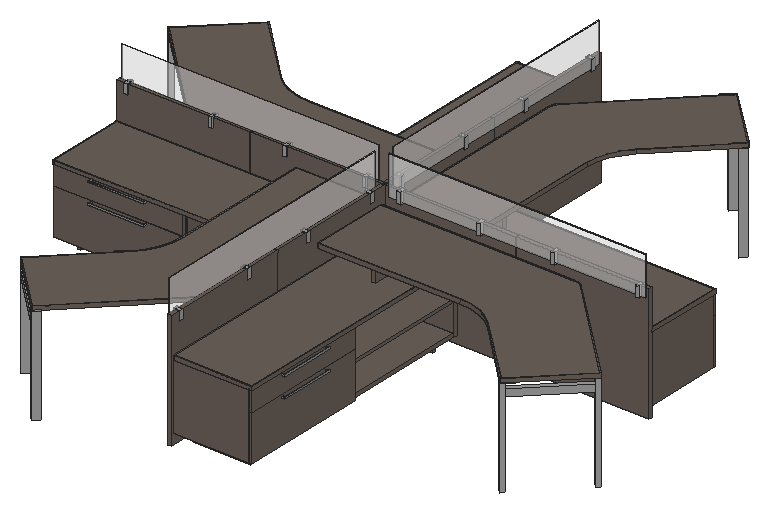
Revit family "STAKS014", category Furniture, Revit 2013 (continued)
Definition of nested family "FIRST OFFICE-STAKS-WORKSURFACE-COLLABORATIVE-RIGHT"
  Dimensions and locks (in)
    locked: plane 9 "SURFACE TOP" to plane 8 at 1.125
    locked: plane 3 "BACK" to plane 6 at 0.125
    locked: plane 7 to plane 4 "FRONT" at 0.125
    "SURFACE WIDTH": plane 2 "LEFT" to plane 10 "RIGHT"
    locked: plane 11 to plane 10 "RIGHT" at 0.125
    locked: plane 2 "LEFT" to plane 5 at 0.125
    equal spacing: plane 3 "BACK", plane 12, plane 4 "FRONT"
    locked: plane 3 "BACK" to plane 4 "FRONT" at 22
    equal spacing: plane 2 "LEFT", plane 14 "Center (Left/Right)", plane 10 "RIGHT"
    "SURFACE DEPTH": plane 3 "BACK" to plane 13
    locked: plane 16 to plane 13 at 15.55635
    locked: plane 4 "FRONT" to plane 17 at 4.5979
    locked: Extrusion 3 sketch curve to Extrusion 3 sketch curve at 3.06147
    Masking region 3 sketch curve to Masking region 3 sketch curve = 1' - 0.24587"
    Masking region 5 sketch curve to Masking region 5 sketch curve = 0' - 3.06147"
    locked: Extrusion 5 sketch curve to Extrusion 5 sketch curve at 2.9658
    locked: Extrusion 5 sketch curve to Extrusion 5 sketch curve at 12.34154
    locked: plane 18 to plane 10 "RIGHT" at 15.55635
    locked: Masking region 3 sketch curve to Masking region 3 sketch curve at 12.34154
    locked: Extrusion 4 sketch curve to Extrusion 4 sketch curve at 12.24587
    locked: Extrusion 4 sketch curve to Extrusion 4 sketch curve at 12.34154
    Masking region 6 sketch curve to Masking region 6 sketch curve = 1' - 0.34154"
    Masking region 6 sketch curve to Masking region 6 sketch curve = 0' - 2.94956"
    locked: plane 18 to plane 20 (angle 45.00°)
    locked: plane 19 to plane 16 (angle 45.00°)
    aligned: level to plane 1
    aligned and locked: Masking region 1 to Extrusion 1 sketch curve
    aligned and locked: Extrusion 1 sketch curve to Masking region 1
    aligned and locked: plane 18 to Masking region 2 sketch curve
    aligned and locked: Extrusion 3 sketch curve to plane 19
    aligned: Extrusion 5 sketch curve to Extrusion 2
    aligned and locked: Extrusion 5 sketch curve to Extrusion 3  (x2)
    aligned and locked: Extrusion 5 sketch curve to Extrusion 4
    aligned: Extrusion 5 sketch curve to Extrusion 1
    aligned: Extrusion 5 to Extrusion 2
    aligned: Extrusion 5 to Extrusion 4
    aligned: Extrusion 5 to Extrusion 3
    aligned and locked: Masking region 3 to plane 20
    aligned and locked: Masking region 3 sketch curve to Extrusion 4
    aligned and locked: plane 13 to Masking region 3 sketch curve
    aligned: Extrusion 5 to plane 5
    aligned and locked: Masking region 3 sketch curve to Masking region 1
    aligned and locked: plane 5 to Masking region 3 sketch curve
    aligned and locked: plane 2 "LEFT" to Masking region 3 sketch curve
    aligned and locked: Extrusion 5 sketch curve to Extrusion 2
    aligned and locked: Extrusion 4 sketch curve to plane 20
    aligned and locked: Extrusion 4 sketch curve to plane 7
    aligned and locked: plane 4 "FRONT" to Extrusion 4 sketch curve
    aligned and locked: plane 17 to Extrusion 4 sketch curve
    aligned and locked: plane 20 to Extrusion 4 sketch curve
    aligned and locked: Masking region 6 sketch curve to Masking region 2
    aligned and locked: Masking region 6 sketch curve to Masking region 3
    aligned and locked: Masking region 6 sketch curve to Masking region 5
  Automatic sketch dimensions
    Extrusion 1 sketch curve to plane 2 "LEFT" = 0' - 0"
    Extrusion 1 sketch curve to plane 3 "BACK" = 0' - 0"
    Extrusion 1 sketch curve to plane 6 = 0' - 0"
    Masking region 1 sketch curve to plane 5 = 0' - 0"
    Masking region 1 sketch curve to plane 2 "LEFT" = 0' - 0"
    Masking region 1 sketch curve to plane 3 "BACK" = 0' - 0"
    Masking region 1 sketch curve to plane 6 = 0' - 0"
    Masking region 1 sketch curve to plane 7 = 0' - 0"
    Masking region 1 sketch curve to plane 4 "FRONT" = 0' - 0"
    Masking region 2 sketch curve to plane 16 = 0' - 0"
    Masking region 2 sketch curve to plane 10 "RIGHT" = 0' - 0"
    Masking region 2 sketch curve to plane 13 = 0' - 0"
    Masking region 2 sketch curve to plane 11 = 0' - 0.05178"
    plane 13 to Masking region 2 sketch curve = 0' - 0.17678"
    Extrusion 2 sketch curve to plane 13 = 0' - 0"
    Extrusion 2 sketch curve to plane 18 = 0' - 0"
    Extrusion 2 sketch curve to plane 16 = 0' - 0"
    Extrusion 2 sketch curve to plane 10 "RIGHT" = 0' - 0"
    Extrusion 2 sketch curve to plane 11 = 0' - 0.05178"
    plane 13 to Extrusion 2 sketch curve = 0' - 0.17678"
    Extrusion 3 sketch curve to Extrusion 3 sketch curve = 0' - 0"  (x2)
    Extrusion 3 sketch curve to plane 2 "LEFT" = 0' - 0"
    Extrusion 3 sketch curve to plane 5 = 0' - 0"
    Extrusion 3 sketch curve to plane 6 = 0' - 0"
    Extrusion 3 sketch curve to plane 3 "BACK" = 0' - 0"
    Extrusion 3 sketch curve to plane 15 = 0' - 0"
    Extrusion 3 sketch curve to plane 16 = 0' - 0"
    Extrusion 3 sketch curve to plane 10 "RIGHT" = 0' - 0"
    Extrusion 3 sketch curve to plane 15 = 0' - 0.08839"
    Extrusion 3 sketch curve to plane 11 = 0' - 0.05178"
    Masking region 4 sketch curve to plane 2 "LEFT" = 0' - 0"
    Masking region 4 sketch curve to plane 5 = 0' - 0"
    Masking region 4 sketch curve to plane 4 "FRONT" = 0' - 0"
    Masking region 4 sketch curve to plane 7 = 0' - 0"
    Masking region 4 sketch curve to plane 6 = 0' - 0"
    Masking region 4 sketch curve to plane 3 "BACK" = 0' - 0"
    Masking region 5 sketch curve to Masking region 5 sketch curve = 0' - 0"  (x2)
    Masking region 5 sketch curve to plane 2 "LEFT" = 0' - 0"
    Masking region 5 sketch curve to plane 5 = 0' - 0"
    Masking region 5 sketch curve to plane 6 = 0' - 0"
    Masking region 5 sketch curve to plane 3 "BACK" = 0' - 0"
    Masking region 5 sketch curve to plane 15 = 0' - 0"
    Masking region 5 sketch curve to plane 19 = 0' - 0"
    Masking region 5 sketch curve to plane 16 = 0' - 0"
    Masking region 5 sketch curve to plane 10 "RIGHT" = 0' - 0"
    Masking region 5 sketch curve to plane 15 = 0' - 0.08839"
    Masking region 5 sketch curve to plane 11 = 0' - 0.05178"
    Extrusion 5 sketch curve to plane 17 = 0' - 0"
    plane 15 to Extrusion 5 sketch curve = 0' - 2.82843"
    Extrusion 5 sketch curve to plane 13 = 0' - 0.17678"
    plane 5 to Extrusion 5 sketch curve = 0' - 0"
    Masking region 3 sketch curve to Masking region 3 sketch curve = 0' - 0"  (x2)
    Masking region 3 sketch curve to plane 7 = 0' - 0"
    Masking region 3 sketch curve to plane 17 = 0' - 0"
    Masking region 3 sketch curve to Masking region 3 sketch curve = 0' - 0.17678"
    Extrusion 4 sketch curve to plane 13 = 0' - 0"
    Extrusion 4 sketch curve to plane 2 "LEFT" = 0' - 0"
    Extrusion 4 sketch curve to plane 5 = 0' - 0"
    Extrusion 4 sketch curve to Extrusion 4 sketch curve = 0' - 0.17678"
    plane 17 to Extrusion 4 sketch curve = 0' - 0.08839"
    Extrusion 4 sketch curve to Extrusion 4 sketch curve = 0' - 0"
    Masking region 6 sketch curve to plane 5 = 0' - 0"
    Masking region 6 sketch curve to plane 7 = 0' - 0"
    Masking region 6 sketch curve to plane 17 = 0' - 0"
    Masking region 6 sketch curve to plane 6 = 0' - 0"
    Masking region 6 sketch curve to plane 15 = 0' - 2.78608"
    Masking region 6 sketch curve to plane 15 = 0' - 0.07596"
Definition of nested family "FIRST OFFICE-STAKS-BRACKETS-CANTILEVER-CONCEALED"
  Parameters (values of type "FIRST OFFICE-STAKS- BRACKETS-CANTILEVER-CONCEALED 22"")
    URL = "http://www.firstoffice.com/products/crossover/staks/"
    Model = "WSBKTC22"
    Manufacturer = "FIRST OFFICE-STAKS"
    MANUFACTURERS' CODE = "FOF"
    ENVIRONMENTAL = "http://www.firstoffice.com/products/crossover/staks/"
    Description = "CONCEALED CANTILEVER 22\" WORKSURFACE BRACKET"
    CATALOG CODE = "FST"
    BRKT LENGHTH = 1' - 4"
    Assembly Code = ""
  Types (3): name | Model | Description | BRKT LENGHTH
    (no name) | "WSBKTC22" | "CONCEALED CANTILEVER 22\" WORKSURFACE BRACKET" | 1' - 4"
    FIRST OFFICE-STAKS- BRACKETS-CANTILEVER-CONCEALED-MINI | "WSBKTC" | "MINI CONCEALED CANTILEVER WORKSURFACE BRACKET" | 0' - 3 3/4"
    FIRST OFFICE-STAKS- BRACKETS-CANTILEVER-CONCEALED 22" | "WSBKTC22" | "CONCEALED CANTILEVER 22\" WORKSURFACE BRACKET" | 1' - 4"
  Reference planes (in)
    plane 1 "Center Front/Back": y = 0
    plane 2: z = 0
    plane 3 "Center Left/Right": x = 0
    plane 4: y = -16
    plane 5: y = -1.625
    plane 6: z = 27.375
    plane 7: z = 21.125
    plane 8: x = 1.5
    plane 9: z = 27.25
  Forms (in)
    Extrusion 1, solid, material "STAKS BRACKETS"
      sketch origin (0, 0, 0) x (0, 1, 0) y (0, 0, 1)
        loop
          line (-1.72855, 27.125) -> (-0.25, 25.64645) -> (0, 25.75) -> (-1.625, 27.375) -> (-1.72855, 27.125)
      from 0 to 1.5
    Extrusion 2, solid, material "STAKS BRACKETS"
      sketch origin (0, 0, 0) x (0, 1, 0) y (0, 0, 1)
        loop
          line (-0.125, 25.69822) -> (-0.125, 21.125) -> (0, 21.125) -> (0, 25.75) -> (-0.125, 25.69822)
      from 0 to 1.5
    Extrusion 3, solid, material "STAKS BRACKETS"
      sketch origin (0, 0, 0) x (0, 1, 0) y (0, 0, 1)
        loop
          line (-1.625, 27.375) -> (-16, 27.375) -> (-16, 27.125) -> (-1.72855, 27.125) -> (-1.625, 27.375)
      from 0 to 1.5
  Lines and regions (in)
    Masking region 1
      outline origin (0, 0, 0) x (1, 0, 0) y (0, 1, 0)
        loop
          line (1.5, 0) -> (0, 0) -> (0, -16) -> (1.5, -16) -> (1.5, 0)
  Dimensions and locks (in)
    "BRKT LENGHTH": plane 4 to plane 1 "Center Front/Back"
    locked: plane 1 "Center Front/Back" to plane 5 at 1.625
    aligned and locked: Extrusion 1 to Extrusion 2
    aligned and locked: Extrusion 2 to Extrusion 1
    aligned and locked: Extrusion 1 to Extrusion 3
    aligned and locked: Extrusion 3 to Extrusion 1
    aligned and locked: Extrusion 3 to plane 3 "Center Left/Right"
    aligned and locked: plane 8 to Extrusion 3
  Automatic sketch dimensions
    Extrusion 1 sketch curve to plane 5 = 0' - 0"
    Extrusion 1 sketch curve to plane 1 "Center Front/Back" = 0' - 0"
    Extrusion 1 sketch curve to plane 6 = 0' - 0"
    plane 5 to Extrusion 1 sketch curve = 0' - 0.10355"
    Extrusion 1 sketch curve to Extrusion 1 sketch curve = 0' - 0.10355"
    Extrusion 2 sketch curve to plane 1 "Center Front/Back" = 0' - 0"
    Extrusion 2 sketch curve to plane 7 = 0' - 0"
    Extrusion 2 sketch curve to Extrusion 2 sketch curve = 0' - 0.05178"
    Extrusion 3 sketch curve to plane 4 = 0' - 0"
    Extrusion 3 sketch curve to plane 5 = 0' - 0"
    Extrusion 3 sketch curve to plane 6 = 0' - 0"
    plane 5 to Extrusion 3 sketch curve = 0' - 0.10355"
    plane 1 "Center Front/Back" to Extrusion 1 sketch curve = 0' - 0 1/4"
    plane 1 "Center Front/Back" to Extrusion 2 sketch curve = 0' - 0 1/8"
    Extrusion 1 sketch curve to plane 6 = 0' - 0 1/4"
    Extrusion 1 sketch curve to plane 6 = 0' - 1 5/8"
    Extrusion 2 sketch curve to plane 6 = 0' - 1.67678"
    Extrusion 3 sketch curve to plane 6 = 0' - 0 1/4"
    Masking region 1 sketch curve to plane 3 "Center Left/Right" = 0' - 0"
    plane 4 to Masking region 1 sketch curve = 0' - 0"
    Masking region 1 sketch curve to plane 8 = 0' - 0"
    plane 1 "Center Front/Back" to Masking region 1 sketch curve = 0' - 0"
Definition of nested family "FIRST OFFICE-STAKS-SUPPORT-SURFACE-H LEG"
  Parameters (values of type "FIRST OFFICE-STAKS-SUPPORT-SURFACE-H LEG 22 X4")
    URL = "http://www.firstoffice.com/products/crossover/staks/"
    H LEG WIDTH = 1' - 10"
    Model = "6-22HBA2"
    Manufacturer = "FIRST OFFICE-STAKS"
    MANUFACTURERS' CODE = "FOF"
    PANEL INSERT = no
    ENVIRONMENTAL = "http://www.firstoffice.com/products/crossover/staks/"
    Description = "22 X 4 H-LEG"
    CATALOG CODE = "FST"
    Assembly Code = ""
  Types (6): name | H LEG WIDTH | Model | PANEL INSERT | Description
    FIRST OFFICE-STAKS-SUPPORT-SURFACE-H LEG 22 X4 | 1' - 10" | "6-22HBA2" | no | "22 X 4 H-LEG"
    FIRST OFFICE-STAKS-SUPPORT-SURFACE-H LEG 30 X4 | 2' - 6" | "6-30HBA2" | no | "30 X 4 H-LEG"
    FIRST OFFICE-STAKS-SUPPORT-SURFACE-H LEG 36 X4 | 3' - 0" | "6-36HBA1" | no | "36 X 4 H-LEG"
    FIRST OFFICE-STAKS-SUPPORT-SURFACE-H LEG W/INSERT 22 X4 | 1' - 10" | "6-22HBPA2" | yes | "22 X 4 H-LEG W/INSERT"
    FIRST OFFICE-STAKS-SUPPORT-SURFACE-H LEG W/INSERT 30 X4 | 2' - 6" | "6-30HBPA2" | yes | "30 X 4 H-LEG W/INSERT"
    FIRST OFFICE-STAKS-SUPPORT-SURFACE-H LEG W/INSERT 36 X4 | 3' - 0" | "6-36HBPA1" | yes | "36 X 4 H-LEG W/INSERT"
  Reference planes (in)
    plane 1: z = 0
    plane 2 "Center (Front/Back)": y = -2.62465
    plane 3 "Center (Left/Right)": x = -17.5
    plane 4 "H LEG TOP": z = 27.375
    plane 5: x = -15.5
    plane 6: x = -13.5
    plane 7: y = -13.62465
    plane 8: y = 8.37535
    plane 9: z = 27.181
    plane 10: y = 7.37535
    plane 11: y = -12.62465
    plane 12: z = 25.806
    plane 13: z = 23.806
    plane 14: x = -16.5
    plane 15: x = -15.75
    plane 16: z = 25.056
  Forms (in)
    Extrusion 1, solid, material "STACKS PAINT"
      sketch origin (0, 0, 27.375) x (0, -1, 0) y (1, 0, 0)
        loop
          line (-8.37535, -15.5) -> (-8.37535, -17.5) -> (13.62465, -17.5) -> (13.62465, -15.5) -> (12.62465, -15.5) -> (11.46995, -13.5) -> (-6.22065, -13.5) -> (-7.37535, -15.5) -> (-8.37535, -15.5)
      from -0.194 to 0
    Extrusion 2, solid, material "STACKS PAINT"
      sketch origin (0, 0, 27.375) x (0, -1, 0) y (1, 0, 0)
        loop
          line (-7.37535, -15.5) -> (-8.37535, -15.5) -> (-8.37535, -17.5) -> (-7.37535, -17.5) -> (-7.37535, -15.5)
      from -27.375 to -0.194
    Extrusion 3, solid, material "STACKS PAINT"
      sketch origin (0, 0, 27.375) x (0, -1, 0) y (1, 0, 0)
        loop
          line (12.62465, -17.5) -> (13.62465, -17.5) -> (13.62465, -15.5) -> (12.62465, -15.5) -> (12.62465, -17.5)
      from -27.375 to -0.194
    Extrusion 4, solid, material "STACKS PAINT"
      sketch origin (0, -1.24965, 0) x (1, 0, 0) y (0, 0, 1)
        loop
          line (-16.5, 25.806) -> (-17.5, 25.806) -> (-17.5, 23.806) -> (-16.5, 23.806) -> (-16.5, 25.806)
      from -8.625 to 11.375
    Extrusion 5, solid, material "STAKS SUPPORT WD", visible <- "PANEL INSERT"
      sketch origin (0, -1.24965, 0) x (1, 0, 0) y (0, 0, 1)
        loop
          line (-15.75, 25.056) -> (-16.5, 25.056) -> (-16.5, 0) -> (-15.75, 0) -> (-15.75, 25.056)
      from -8.625 to 11.375
  Lines and regions (in)
    Masking region 1
      outline origin (0, 0, 27.375) x (0, -1, 0) y (1, 0, 0)
        loop
          line (12.62465, -15.5) -> (11.46995, -13.5) -> (-6.22065, -13.5) -> (-7.37535, -15.5) -> (-7.37535, -17.5) -> (12.62465, -17.5) -> (12.62465, -15.5)
    Masking region 2
      outline origin (0, 0, 27.375) x (0, -1, 0) y (1, 0, 0)
        loop
          line (-7.37535, -15.5) -> (-8.37535, -15.5) -> (-8.37535, -17.5) -> (-7.37535, -17.5) -> (-7.37535, -15.5)
    Masking region 3
      outline origin (0, 0, 27.375) x (0, -1, 0) y (1, 0, 0)
        loop
          line (13.62465, -15.5) -> (12.62465, -15.5) -> (12.62465, -17.5) -> (13.62465, -17.5) -> (13.62465, -15.5)
    Masking region 4, visible <- "PANEL INSERT"
      outline origin (0, 0, 27.375) x (0, -1, 0) y (1, 0, 0)
        loop
          line (-7.37535, -15.75) -> (-7.37535, -16.5) -> (12.62465, -16.5) -> (12.62465, -15.75) -> (-7.37535, -15.75)
  Dimensions and locks (in)
    locked: plane 4 "H LEG TOP" to plane 1 at 27.375
    plane 3 "Center (Left/Right)" to plane 5 to plane 6 = 0' - 2" locked, 0' - 2" locked
    equal spacing: plane 7, plane 2 "Center (Front/Back)", plane 8
    "H LEG WIDTH": plane 7 to plane 8
    locked: plane 4 "H LEG TOP" to plane 9 at 0.194
    locked: plane 10 to plane 8 at 1
    locked: plane 7 to plane 11 at 1
    locked: plane 9 to plane 12 at 1.375
    locked: plane 12 to plane 13 at 2
    locked: plane 14 to plane 3 "Center (Left/Right)" at 1
    locked: plane 9 to plane 16 at 2.125
    locked: plane 15 to plane 3 "Center (Left/Right)" at 1.75
    locked: Extrusion 1 sketch curve to Extrusion 1 sketch curve (angle 120.00°)  (x2)
    aligned and locked: level to plane 1
    aligned and locked: plane 9 to Extrusion 1
    aligned and locked: Extrusion 1 to plane 4 "H LEG TOP"
    aligned and locked: Extrusion 1 to plane 8
    aligned and locked: plane 7 to Extrusion 1
    aligned and locked: Extrusion 1 sketch curve to plane 3 "Center (Left/Right)"
    aligned and locked: Extrusion 1 sketch curve to plane 8
    aligned and locked: Extrusion 1 sketch curve to plane 5
    aligned and locked: Extrusion 1 sketch curve to plane 6
    aligned and locked: plane 5 to Extrusion 1 sketch curve
    aligned and locked: plane 7 to Extrusion 1 sketch curve
    aligned and locked: Extrusion 3 to plane 1
    aligned and locked: Extrusion 3 to plane 9
    aligned and locked: Extrusion 2 to plane 9
    aligned and locked: Extrusion 2 to plane 1
    aligned and locked: Extrusion 2 sketch curve to plane 8
    aligned and locked: plane 5 to Extrusion 2 sketch curve
    aligned and locked: Extrusion 2 sketch curve to plane 3 "Center (Left/Right)"
    aligned and locked: plane 10 to Extrusion 2 sketch curve
    aligned and locked: plane 7 to Extrusion 3 sketch curve
    aligned and locked: plane 5 to Extrusion 3 sketch curve
    aligned and locked: Extrusion 3 sketch curve to plane 11
    aligned and locked: Extrusion 3 sketch curve to plane 3 "Center (Left/Right)"
    aligned and locked: Extrusion 4 sketch curve to plane 12
    aligned and locked: plane 13 to Extrusion 4 sketch curve
    aligned and locked: Extrusion 4 sketch curve to plane 3 "Center (Left/Right)"
    aligned and locked: plane 14 to Extrusion 4 sketch curve
    aligned and locked: Extrusion 4 to plane 10
    aligned and locked: plane 11 to Extrusion 4
    aligned and locked: Extrusion 5 sketch curve to plane 16
    aligned and locked: Extrusion 5 sketch curve to plane 14
    aligned and locked: plane 15 to Extrusion 5 sketch curve
    aligned and locked: Extrusion 5 sketch curve to plane 1
    aligned and locked: Extrusion 5 to plane 16
    aligned and locked: Extrusion 5 to plane 1
    aligned and locked: plane 11 to Extrusion 5
    aligned and locked: Extrusion 5 to plane 10
  Automatic sketch dimensions
    Extrusion 1 sketch curve to Extrusion 1 sketch curve = 0' - 1"
    Extrusion 1 sketch curve to plane 7 = 0' - 1"
    Masking region 1 sketch curve to plane 5 = 0' - 0"  (x2)
    Masking region 1 sketch curve to plane 6 = 0' - 0"
    Masking region 1 sketch curve to plane 3 "Center (Left/Right)" = 0' - 0"
    plane 8 to Masking region 1 sketch curve = 0' - 1"
    plane 8 to Masking region 1 sketch curve = 0' - 2.1547"
    Masking region 1 sketch curve to plane 7 = 0' - 2.1547"
    Masking region 1 sketch curve to plane 7 = 0' - 1"
    plane 8 to Masking region 2 sketch curve = 0' - 0"
    Masking region 2 sketch curve to plane 3 "Center (Left/Right)" = 0' - 0"
    Masking region 2 sketch curve to plane 5 = 0' - 0"
    Masking region 2 sketch curve to Masking region 2 sketch curve = 0' - 1"
    Masking region 3 sketch curve to plane 3 "Center (Left/Right)" = 0' - 0"
    plane 7 to Masking region 3 sketch curve = 0' - 0"
    Masking region 3 sketch curve to plane 5 = 0' - 0"
    Masking region 3 sketch curve to plane 7 = 0' - 1"
    plane 10 to Masking region 4 sketch curve = 0' - 0"
    plane 11 to Masking region 4 sketch curve = 0' - 0"
    Masking region 4 sketch curve to plane 14 = 0' - 0"
    Masking region 4 sketch curve to plane 15 = 0' - 0"
Definition of nested family "FIRST OFFICE-STAKS-SUPPORT-SURFACE-RISER PANELS"
  Parameters (values of type "FIRST OFFICE-STAKS-SUPPORT-SURFACE-RISER-P SHAPE 10 X 9.5")
    T SHAPE = no
    RISER DEPTH = 0' - 10"
    URL = "http://www.firstoffice.com/products/crossover/staks/"
    P SHAPE = yes
    Model = "6-TSP-10/9.5"
    Manufacturer = "FIRST OFFICE-STAKS"
    MANUFACTURERS' CODE = "FOF"
    ENVIRONMENTAL = "http://www.firstoffice.com/products/crossover/staks/"
    Description = "10 X 9.5 P SHAPE RISER SUPPORT PANEL"
    CATALOG CODE = "FST"
    Assembly Code = ""
  Types (8): name | T SHAPE | RISER DEPTH | P SHAPE | Model | Description
    FIRST OFFICE-STAKS-SUPPORT-SURFACE-RISER-P SHAPE 10 X 9.5 | no | 0' - 10" | yes | "6-TSP-10/9.5" | "10 X 9.5 P SHAPE RISER SUPPORT PANEL"
    FIRST OFFICE-STAKS-SUPPORT-SURFACE-RISER-P SHAPE 18 X 9.5 | no | 1' - 6" | yes | "6-TSP-18/9.5" | "18 X 9.5 P SHAPE RISER SUPPORT PANEL"
    FIRST OFFICE-STAKS-SUPPORT-SURFACE-RISER-P SHAPE 26 X 9.5 | no | 2' - 2" | yes | "6-TSP-26/9.5" | "26 X 9.5 P SHAPE RISER SUPPORT PANEL"
    FIRST OFFICE-STAKS-SUPPORT-SURFACE-RISER-P SHAPE 32 X 9.5 | no | 2' - 8" | yes | "6-TSP-32/9.5" | "32 X 9.5 P SHAPE RISER SUPPORT PANEL"
    FIRST OFFICE-STAKS-SUPPORT-SURFACE-RISER-T SHAPE 10 X 9.5 | yes | 0' - 10" | no | "6-RSP-10/9.5" | "10 X 9.5 T SHAPE RISER SUPPORT PANEL"
    FIRST OFFICE-STAKS-SUPPORT-SURFACE-RISER-T SHAPE 18 X 9.5 | yes | 1' - 6" | no | "6-RSP-18/9.5" | "18 X 9.5 T SHAPE RISER SUPPORT PANEL"
    FIRST OFFICE-STAKS-SUPPORT-SURFACE-RISER-T SHAPE 26 X 9.5 | yes | 2' - 2" | no | "6-RSP-26/9.5" | "26 X 9.5 T SHAPE RISER SUPPORT PANEL"
    FIRST OFFICE-STAKS-SUPPORT-SURFACE-RISER-T SHAPE 32 X 9.5 | yes | 2' - 8" | no | "6-RSP-32/9.5" | "32 X 9.5 T SHAPE RISER SUPPORT PANEL"
  Reference planes (in)
    plane 1: z = 0
    plane 2 "Left": x = -12
    plane 3 "Back": y = 1.62535
    plane 4 "WING Top": z = 27.375
    plane 5: y = -8.37465
    plane 6: y = 0.62535
    plane 7: x = -2.5
    plane 8: x = -3.5
    plane 9: x = -11
    plane 10: y = -7.87465
    plane 11: z = 22.5
    plane 12: y = -6.87465
    plane 13: x = -13
    plane 14: y = -3.37465
    plane 15: x = -21.5
  Forms (in)
    Extrusion 1, solid, material "STAKS SUPPORT WD", visible <- "P SHAPE"
      sketch origin (3.36932, -10.37465, 0.12522) x (1, 0, 0) y (0, 0, 1)
        loop
          line (-5.86932, 27.24978) -> (-6.86932, 27.24978) -> (-6.86932, 22.37478) -> (-5.86932, 22.37478) -> (-5.86932, 27.24978)
      from -11 to -3.5
    Extrusion 2, solid, material "STAKS SUPPORT WD", visible <- "P SHAPE"
      sketch origin (-5.5, 5, -0.18015) x (0, 1, 0) y (0, 0, 1)
        loop
          line (-4.37465, 27.55515) -> (-4.37465, 22.68015) -> (-3.37465, 22.68015) -> (-3.37465, 27.55515) -> (-4.37465, 27.55515)
      from -5.5 to 3
    Extrusion 3, solid, material "STAKS SUPPORT WD", visible <- "P SHAPE"
      sketch origin (7.62465, -10.37465, -0.18015) x (1, 0, 0) y (0, 0, 1)
        loop
          line (-19.62465, 27.55515) -> (-19.62465, 22.68015) -> (-18.62465, 22.68015) -> (-18.62465, 27.55515) -> (-19.62465, 27.55515)
      from -12 to -2
    Extrusion 4, solid, material "STAKS SUPPORT WD", visible <- "P SHAPE"
      sketch origin (-5.5, -2.25, -0.18015) x (0, 1, 0) y (0, 0, 1)
        loop
          line (-5.62465, 27.55515) -> (-5.62465, 22.68015) -> (-4.62465, 22.68015) -> (-4.62465, 27.55515) -> (-5.62465, 27.55515)
      from -5.5 to 3
    Extrusion 5, solid, material "STAKS SUPPORT WD", visible <- "T SHAPE"
      sketch origin (6.62465, -10.37465, -0.18015) x (1, 0, 0) y (0, 0, 1)
        loop
          line (-19.62465, 27.55515) -> (-19.62465, 22.68015) -> (-18.62465, 22.68015) -> (-18.62465, 27.55515) -> (-19.62465, 27.55515)
      from -12 to -2
    Extrusion 6, solid, material "STAKS SUPPORT WD", visible <- "T SHAPE"
      sketch origin (-16, -9.25, -0.18015) x (0, 1, 0) y (0, 0, 1)
        loop
          line (5.37535, 27.55515) -> (5.37535, 22.68015) -> (6.37535, 22.68015) -> (6.37535, 27.55515) -> (5.37535, 27.55515)
      from -5.5 to 3
  Lines and regions (in)
    Masking region 1, visible <- "P SHAPE"
      outline origin (-5.5, 0, 0) x (1, 0, 0) y (0, 1, 0)
        loop
          line (-5.5, 1.62535) -> (-5.5, 0.62535) -> (3, 0.62535) -> (3, 1.62535) -> (-5.5, 1.62535)
    Masking region 2, visible <- "P SHAPE"
      outline origin (4.75, 0, 0) x (1, 0, 0) y (0, 1, 0)
        loop
          line (-7.25, 0.62535) -> (-8.25, 0.62535) -> (-8.25, -6.87465) -> (-7.25, -6.87465) -> (-7.25, 0.62535)
    Masking region 3, visible <- "P SHAPE"
      outline origin (-16.37535, -10.37465, 0) x (0, -1, 0) y (1, 0, 0)
        loop
          line (-12, 5.37535) -> (-12, 4.37535) -> (-2, 4.37535) -> (-2, 5.37535) -> (-12, 5.37535)
    Masking region 4, visible <- "P SHAPE"
      outline origin (-5.5, -7.25, 0) x (1, 0, 0) y (0, 1, 0)
        loop
          line (-5.5, 0.37535) -> (-5.5, -0.62465) -> (3, -0.62465) -> (3, 0.37535) -> (-5.5, 0.37535)
    Masking region 5, visible <- "T SHAPE"
      outline origin (-17.37535, -10.37465, 0) x (0, -1, 0) y (1, 0, 0)
        loop
          line (-12, 5.37535) -> (-12, 4.37535) -> (-2, 4.37535) -> (-2, 5.37535) -> (-12, 5.37535)
    Masking region 6, visible <- "T SHAPE"
      outline origin (-16, -14.25, 0) x (1, 0, 0) y (0, 1, 0)
        loop
          line (-5.5, 11.37535) -> (-5.5, 10.37535) -> (3, 10.37535) -> (3, 11.37535) -> (-5.5, 11.37535)
  Dimensions and locks (in)
    "RISER DEPTH": plane 5 to plane 3 "Back"
    locked: plane 2 "Left" to plane 9 at 1
    locked: plane 8 to plane 7 at 1
    locked: plane 2 "Left" to plane 7 at 9.5
    locked: plane 4 "WING Top" to plane 11 at 4.875
    locked: plane 10 to plane 3 "Back" at 9.5
    locked: plane 4 "WING Top" to plane 1 at 27.375
    locked: plane 6 to plane 3 "Back" at 1
    locked: plane 10 to plane 12 at 1
    locked: plane 15 to plane 2 "Left" at 9.5
    locked: plane 13 to plane 2 "Left" at 1
    Extrusion 6 to plane 14 to Extrusion 6 = 0' - 0 1/2" locked, 0' - 0 1/2" locked
    equal spacing: plane 5, plane 14, plane 3 "Back"
    aligned: Extrusion 1 to plane 2 "Left"  (x2)
    aligned: Extrusion 1 to plane 1  (x2)
    aligned: level to plane 1
    aligned: Extrusion 1 to plane 4 "WING Top"
    aligned: Extrusion 1 to plane 3 "Back"  (x2)
    aligned: plane 5 to Extrusion 1
    aligned: Extrusion 3 to plane 6
    aligned and locked: plane 5 to Extrusion 3
    aligned: Extrusion 1 to plane 5  (x3)
    aligned and locked: plane 6 to Extrusion 2
    aligned and locked: plane 6 to Masking region 1
    aligned and locked: Masking region 1 to plane 3 "Back"
    aligned and locked: Extrusion 2 to plane 3 "Back"
    aligned: plane 7 to Masking region 1
    aligned: plane 7 to Extrusion 2
    aligned: Extrusion 3 to plane 2 "Left"
    aligned: plane 4 "WING Top" to Extrusion 3
    aligned: plane 4 "WING Top" to Extrusion 1
    aligned: plane 4 "WING Top" to Extrusion 2
    aligned: Masking region 2 to plane 3 "Back"
    aligned: plane 3 "Back" to Extrusion 1
    aligned: plane 10 to Masking region 2
    aligned: plane 10 to Extrusion 1
    aligned and locked: plane 7 to Extrusion 1
    aligned and locked: Extrusion 1 to plane 8
    aligned and locked: plane 7 to Masking region 2
    aligned and locked: Masking region 2 to plane 8
    aligned: plane 8 to Extrusion 2
    aligned: plane 8 to Masking region 1
    aligned and locked: Extrusion 3 to plane 3 "Back"
    aligned and locked: Extrusion 3 to plane 2 "Left"
    aligned: plane 9 to Extrusion 3
    aligned and locked: plane 9 to Masking region 3
    aligned and locked: Masking region 3 to plane 2 "Left"
    aligned and locked: Extrusion 2 to plane 9
    aligned and locked: Masking region 1 to plane 9
    aligned and locked: plane 5 to Masking region 3
    aligned and locked: plane 4 "WING Top" to Extrusion 3  (x2)
    aligned and locked: plane 4 "WING Top" to Extrusion 1
    aligned and locked: plane 4 "WING Top" to Extrusion 2
    aligned and locked: Extrusion 3 to plane 11
    aligned and locked: Extrusion 1 to plane 11
    aligned and locked: Extrusion 2 to plane 11
    aligned and locked: plane 9 to Extrusion 3
    aligned and locked: Extrusion 1 to plane 6
    aligned and locked: Masking region 2 to plane 6
    aligned and locked: plane 7 to Extrusion 2
    aligned and locked: plane 7 to Masking region 1
    aligned and locked: Masking region 4 to plane 12
    aligned and locked: Extrusion 4 to plane 12
    aligned and locked: plane 10 to Extrusion 4
    aligned and locked: plane 10 to Masking region 4
    aligned and locked: plane 12 to Extrusion 1
    aligned and locked: plane 12 to Masking region 2
    aligned and locked: Masking region 6 to Extrusion 6  (x2)
    aligned and locked: Masking region 6 to plane 15
    aligned and locked: Extrusion 6 to plane 15
    aligned and locked: plane 13 to Masking region 6
    aligned and locked: plane 13 to Extrusion 6
    aligned and locked: plane 5 to Extrusion 5
    aligned and locked: Extrusion 5 to plane 3 "Back"
    aligned and locked: plane 3 "Back" to Extrusion 5
  Automatic sketch dimensions
    Extrusion 1 sketch curve to plane 4 "WING Top" = 0' - 0"
    Extrusion 1 sketch curve to plane 8 = 0' - 0"
    Extrusion 1 sketch curve to plane 7 = 0' - 0"
    Extrusion 1 sketch curve to plane 11 = 0' - 0"
    Extrusion 2 sketch curve to plane 4 "WING Top" = 0' - 0"
    Extrusion 2 sketch curve to plane 6 = 0' - 0"
    Extrusion 2 sketch curve to plane 3 "Back" = 0' - 0"
    Extrusion 2 sketch curve to plane 11 = 0' - 0"
    plane 6 to Masking region 1 sketch curve = 0' - 0"
    Masking region 1 sketch curve to plane 9 = 0' - 0"
    plane 3 "Back" to Masking region 1 sketch curve = 0' - 0"
    Masking region 1 sketch curve to plane 7 = 0' - 0"
    Extrusion 3 sketch curve to plane 2 "Left" = 0' - 0"
    Extrusion 3 sketch curve to plane 9 = 0' - 0"
    Extrusion 3 sketch curve to plane 11 = 0' - 0"
    Extrusion 3 sketch curve to plane 4 "WING Top" = 0' - 0"
    plane 6 to Masking region 2 sketch curve = 0' - 0"
    Masking region 2 sketch curve to plane 8 = 0' - 0"
    Masking region 2 sketch curve to plane 7 = 0' - 0"
    plane 12 to Masking region 2 sketch curve = 0' - 0"
    Masking region 3 sketch curve to plane 2 "Left" = 0' - 0"
    plane 3 "Back" to Masking region 3 sketch curve = 0' - 0"
    plane 5 to Masking region 3 sketch curve = 0' - 0"
    Masking region 3 sketch curve to plane 9 = 0' - 0"
    Extrusion 4 sketch curve to plane 4 "WING Top" = 0' - 0"
    Extrusion 4 sketch curve to plane 10 = 0' - 0"
    Extrusion 4 sketch curve to plane 11 = 0' - 0"
    Extrusion 4 sketch curve to plane 12 = 0' - 0"
    Masking region 4 sketch curve to plane 9 = 0' - 0"
    Masking region 4 sketch curve to plane 7 = 0' - 0"
    plane 10 to Masking region 4 sketch curve = 0' - 0"
    plane 12 to Masking region 4 sketch curve = 0' - 0"
    Extrusion 5 sketch curve to plane 4 "WING Top" = 0' - 0"
    Extrusion 5 sketch curve to plane 13 = 0' - 0"
    Extrusion 5 sketch curve to plane 2 "Left" = 0' - 0"
    Extrusion 5 sketch curve to plane 11 = 0' - 0"
    plane 3 "Back" to Masking region 5 sketch curve = 0' - 0"
    Masking region 5 sketch curve to plane 2 "Left" = 0' - 0"
    plane 5 to Masking region 5 sketch curve = 0' - 0"
    Masking region 5 sketch curve to plane 13 = 0' - 0"
    Extrusion 6 sketch curve to plane 4 "WING Top" = 0' - 0"
    Extrusion 6 sketch curve to plane 11 = 0' - 0"
    Extrusion 6 sketch curve to plane 10 = 0' - 4"
    Extrusion 6 sketch curve to Extrusion 6 sketch curve = 0' - 1"
    Masking region 6 sketch curve to plane 13 = 0' - 0"
    Masking region 6 sketch curve to Masking region 6 sketch curve = 0' - 8 1/2"
    Masking region 6 sketch curve to plane 10 = 0' - 4"
    Masking region 6 sketch curve to Masking region 6 sketch curve = 0' - 1"
Definition of nested family "FIRST OFFICE-STAKS-BRACKETS-SADDLE_PRESS FIT"
  Parameters (values of type "FIRST OFFICE-STAKS- BRACKETS-SADDLE-PVPBKT-2")
    URL = "http://www.firstoffice.com/products/crossover/staks/"
    PRESS FIT = no
    Model = "PVPBKT-2"
    Manufacturer = "FIRST OFFICE-STAKS"
    SDLE BRKT 1 = no
    SDLE BRKT 2 = yes
    MANUFACTURERS' CODE = "FOF"
    ENVIRONMENTAL = "http://www.firstoffice.com/products/crossover/staks/"
    Description = "SADDLE BRACKET 2"
    CATALOG CODE = "FST"
    Assembly Code = ""
  Types (4): name | PRESS FIT | Model | SDLE BRKT 1 | SDLE BRKT 2 | Description
    (no name) | no | "PVPBKT-2" | no | yes | "SADDLE BRACKET 2"
    FIRST OFFICE-STAKS- BRACKETS-PRESS FIT | yes | "PFBKT-1" | no | no | "PRESS FIT BRACKET"
    FIRST OFFICE-STAKS- BRACKETS-SADDLE-PVPBKT-1 | no | "PVPBKT-1" | yes | no | "SADDLE BRACKET 1"
    FIRST OFFICE-STAKS- BRACKETS-SADDLE-PVPBKT-2 | no | "PVPBKT-2" | no | yes | "SADDLE BRACKET 2"
  Reference planes (in)
    plane 1 "Center Front/Back": y = 0
    plane 2: z = 0
    plane 3 "Center Left/Right": x = 0
  Nested families (in)
    nested 1: "PFBKT-1" at (0, 0, 0), visible <- "PRESS FIT", type "PFBKT-1"
    nested 2: "PVPBKT-1" at (0, 0, 0), visible <- "SDLE BRKT 1", type "PVPBKT-1"
    nested 3: "PVPBKT-2" at (0, 0, 0), visible <- "SDLE BRKT 2", type "PVPBKT-2"
  Definition of nested family "PFBKT-1"
    Reference planes (in)
      plane 1 "Center Front/Back": y = 0
      plane 2: z = 0
      plane 3 "Center Left/Right": x = 0
    Forms (in)
      Extrusion 1, solid, material "STAKS BRACKETS"
        sketch origin (0, 0, -1) x (0, 1, 0) y (0, 0, 1)
          loop
            line (0.55, 42.87145) -> (0.55, 39.85939) -> (0.675, 39.85939) -> (0.675, 42.25002)
            arc (0.675, 42.25002) -> (0.74822, 42.42679) -> (0.925, 42.50002) r 0.25
            line (0.925, 42.50002) -> (3.5625, 42.50002) -> (3.5625, 42.93752) -> (0.55, 42.87145)
          loop
            line (-0.55, 42.87145) -> (-3.5625, 42.93752) -> (-3.5625, 42.50002) -> (-0.925, 42.50002)
            arc (-0.925, 42.50002) -> (-0.74822, 42.42679) -> (-0.675, 42.25002) r 0.25
            line (-0.675, 42.25002) -> (-0.675, 39.85939) -> (-0.55, 39.85939) -> (-0.55, 42.87145)
        from -1 to 1
      Extrusion 2, solid, material "STAKS BRACKETS"
        sketch origin (0, 0, -1) x (0, 1, 0) y (0, 0, 1)
          loop
            line (0.55, 42.87145) -> (-0.55, 42.87145) -> (-0.55, 42.50002) -> (-0.23437, 42.50002) -> (0, 42.73439) -> (0.23437, 42.50002) -> (0.55, 42.50002) -> (0.55, 42.87145)
        from -0.4375 to 0.4375
    Cuts and joins
      joined: Extrusion 1, Extrusion 2
    Lines and regions (in)
      Masking region 1
        outline origin (0, 0, 0) x (1, 0, 0) y (0, 1, 0)
          loop
            line (-1, 0.55) -> (1, 0.55) -> (1, 3.5625) -> (-1, 3.5625) -> (-1, 0.55)
          loop
            line (-1, -0.55) -> (-1, -3.5625) -> (1, -3.5625) -> (1, -0.55) -> (-1, -0.55)
      Masking region 2
        outline origin (0, 0, 0) x (1, 0, 0) y (0, 1, 0)
          loop
            line (0.4375, 0.55) -> (-0.4375, 0.55) -> (-0.4375, -0.55) -> (0.4375, -0.55) -> (0.4375, 0.55)
  Definition of nested family "PVPBKT-1"
    Reference planes (in)
      plane 1 "Center Front/Back": y = 0
      plane 2: z = 0
      plane 3 "Center Left/Right": x = 0
    Forms (in)
      Extrusion 1, solid, material "STAKS BRACKETS"
        sketch origin (0, 0, -6) x (0, 1, 0) y (0, 0, 1)
          loop
            line (0.53125, 45.0312) -> (0.6875, 45.0312) -> (0.6875, 47.6562) -> (-0.6875, 47.6562) -> (-0.6875, 45.0312) -> (-0.96875, 45.0312) -> (-0.96875, 47.6562) -> (-1.125, 47.6562) -> (-1.125, 44.6562) -> (-0.53125, 44.6562) -> (-0.53125, 47.49995) -> (0.53125, 47.49995) -> (0.53125, 45.0312)
        from -0.5 to 0.5
    Lines and regions (in)
      Masking region 1
        outline origin (0, 0, 0) x (1, 0, 0) y (0, 1, 0)
          loop
            line (0.5, 0.53125) -> (0.5, 0.6875) -> (-0.5, 0.6875) -> (-0.5, 0.53125) -> (0.5, 0.53125)
      Masking region 2
        outline origin (0, 0, 0) x (1, 0, 0) y (0, 1, 0)
          loop
            line (0.5, 0.53125) -> (-0.5, 0.53125) -> (-0.5, -0.53125) -> (0.5, -0.53125) -> (0.5, 0.53125)
      Masking region 3
        outline origin (0, 0, 0) x (1, 0, 0) y (0, 1, 0)
          loop
            line (0.5, -0.6875) -> (0.5, -0.53125) -> (-0.5, -0.53125) -> (-0.5, -0.6875) -> (0.5, -0.6875)
      Masking region 4
        outline origin (0, 0, 0) x (1, 0, 0) y (0, 1, 0)
          loop
            line (-0.5, -0.6875) -> (-0.5, -0.96875) -> (0.5, -0.96875) -> (0.5, -0.6875) -> (-0.5, -0.6875)
      Masking region 5
        outline origin (0, 0, 0) x (1, 0, 0) y (0, 1, 0)
          loop
            line (0.5, -1.125) -> (0.5, -0.96875) -> (-0.5, -0.96875) -> (-0.5, -1.125) -> (0.5, -1.125)
  Definition of nested family "PVPBKT-2"
    Reference planes (in)
      plane 1 "Center Front/Back": y = 0
      plane 2: z = 0
      plane 3 "Center Left/Right": x = 0
    Forms (in)
      Extrusion 1, solid, material "STAKS BRACKETS"
        sketch origin (0, 0, -6) x (0, 1, 0) y (0, 0, 1)
          loop
            line (0.51563, 47.49995) -> (0.51562, 45.0312) -> (0.67187, 45.0312) -> (0.67187, 47.6562) -> (0.29688, 47.6562) -> (0.29688, 49.4062) -> (0.14063, 49.4062) -> (0.14062, 47.99995) -> (-0.14063, 47.99995) -> (-0.14062, 49.4062) -> (-0.29688, 49.4062) -> (-0.29688, 47.6562) -> (-0.67187, 47.6562) -> (-0.67187, 45.0312) -> (-0.51563, 45.0312) -> (-0.51562, 47.49995) -> (0.51563, 47.49995)
        from -0.5 to 0.5
    Lines and regions (in)
      Masking region 1
        outline origin (0, 0, 0) x (1, 0, 0) y (0, 1, 0)
          loop
            line (-0.5, 0.67187) -> (-0.5, 0.29688) -> (0.5, 0.29688) -> (0.5, 0.67187) -> (-0.5, 0.67187)
      Masking region 2
        outline origin (0, 0, 0) x (1, 0, 0) y (0, 1, 0)
          loop
            line (-0.5, 0.29688) -> (-0.5, 0.14063) -> (0.5, 0.14062) -> (0.5, 0.29688) -> (-0.5, 0.29688)
      Masking region 3
        outline origin (0, 0, 0) x (1, 0, 0) y (0, 1, 0)
          loop
            line (-0.5, 0.14063) -> (-0.5, -0.14063) -> (0.5, -0.14063) -> (0.5, 0.14062) -> (-0.5, 0.14063)
      Masking region 4
        outline origin (0, 0, 0) x (1, 0, 0) y (0, 1, 0)
          loop
            line (-0.5, -0.14062) -> (-0.5, -0.29688) -> (0.5, -0.29688) -> (0.5, -0.14063) -> (-0.5, -0.14062)
      Masking region 5
        outline origin (0, 0, 0) x (1, 0, 0) y (0, 1, 0)
          loop
            line (-0.5, -0.29688) -> (-0.5, -0.67187) -> (0.5, -0.67187) -> (0.5, -0.29688) -> (-0.5, -0.29688)
Definition of nested family "FIRST OFFICE-STAKS-WALL-PRIVACY PANELS"
  Parameters (values of type "FIRST OFFICE-STAKS-PRIVACY PANEL FROSTED ACR 22 X 11")
    URL = "http://www.firstoffice.com/products/crossover/staks/"
    SSFG-PA-3F-LUM = no
    SKYLINE = no
    PRIVACY PANEL HEIGHT = 0' - 11"
    Model = "6-PVPA-22/11"
    Manufacturer = "FIRST OFFICE-STAKS"
    MANUFACTURERS' CODE = "FOF"
    FROSTED ACRYLIC = yes
    ENVIRONMENTAL = "http://www.firstoffice.com/products/crossover/staks/"
    Description = "22 x 11 PRIVACY PANEL SKYLINE"
    PRIVACY PANEL WIDTH = 1' - 10"
    CATALOG CODE = "FST"
    Assembly Code = ""
  Types (42): name | SSFG-PA-3F-LUM | SKYLINE | PRIVACY PANEL HEIGHT | Model | FROSTED ACRYLIC | Description | PRIVACY PANEL WIDTH
    FIRST OFFICE-STAKS-PRIVACY PANEL SKYLINE 22 X 8 | no | yes | 0' - 8" | "6-PVPG-22/8" | no | "22 x 8 PRIVACY PANEL SKYLINE" | 1' - 10"
    FIRST OFFICE-STAKS-PRIVACY PANEL SKYLINE 30 X 8 | no | yes | 0' - 8" | "6-PVPG-30/8" | no | "30 x 8 PRIVACY PANEL SKYLINE" | 2' - 6"
    FIRST OFFICE-STAKS-PRIVACY PANEL SKYLINE 34 X 8 | no | yes | 0' - 8" | "6-PVPG-34/8" | no | "34 x 8 PRIVACY PANEL SKYLINE" | 2' - 10"
    FIRST OFFICE-STAKS-PRIVACY PANEL SKYLINE 46 X 8 | no | yes | 0' - 8" | "6-PVPG-46/8" | no | "46 x 8 PRIVACY PANEL SKYLINE" | 3' - 10"
    FIRST OFFICE-STAKS-PRIVACY PANEL SKYLINE 56 X 8 | no | yes | 0' - 8" | "6-PVPG-56/8" | no | "56 x 8 PRIVACY PANEL SKYLINE" | 4' - 8"
    FIRST OFFICE-STAKS-PRIVACY PANEL SKYLINE 70 X 8 | no | yes | 0' - 8" | "6-PVPG-70/8" | no | "70 x 8 PRIVACY PANEL SKYLINE" | 5' - 10"
    FIRST OFFICE-STAKS-PRIVACY PANEL SKYLINE 71.5 X 8 | no | yes | 0' - 8" | "6-PVPG-71.5/8" | no | "71.5 x 8 PRIVACY PANEL SKYLINE" | 5' - 11 1/2"
    FIRST OFFICE-STAKS-PRIVACY PANEL SKYLINE 22 X 11 | no | yes | 0' - 11" | "6-PVPG-22/11" | no | "22 x 11 PRIVACY PANEL SKYLINE" | 1' - 10"
    FIRST OFFICE-STAKS-PRIVACY PANEL SKYLINE 30 X 11 | no | yes | 0' - 11" | "6-PVPG-30/11" | no | "30 x 11 PRIVACY PANEL SKYLINE" | 2' - 6"
    FIRST OFFICE-STAKS-PRIVACY PANEL SKYLINE 34 X 11 | no | yes | 0' - 11" | "6-PVPG-34/11" | no | "34 x 11 PRIVACY PANEL SKYLINE" | 2' - 10"
    FIRST OFFICE-STAKS-PRIVACY PANEL SKYLINE 46 X 11 | no | yes | 0' - 11" | "6-PVPG-46/11" | no | "46 x 11 PRIVACY PANEL SKYLINE" | 3' - 10"
    FIRST OFFICE-STAKS-PRIVACY PANEL SKYLINE 56 X 11 | no | yes | 0' - 11" | "6-PVPG-56/11" | no | "56 x 11 PRIVACY PANEL SKYLINE" | 4' - 8"
    FIRST OFFICE-STAKS-PRIVACY PANEL SKYLINE 70 X 11 | no | yes | 0' - 11" | "6-PVPG-70/11" | no | "70 x 11 PRIVACY PANEL SKYLINE" | 5' - 10"
    FIRST OFFICE-STAKS-PRIVACY PANEL SKYLINE 71.5 X 11 | no | yes | 0' - 11" | "6-PVPG-71.5/11" | no | "71.5 x 11 PRIVACY PANEL SKYLINE" | 5' - 11 1/2"
    FIRST OFFICE-STAKS-PRIVACY PANEL SSFG-PA-3F-LUM 22 X 8 | yes | no | 0' - 8" | "6-PVPP-22/8" | no | "22 x 8 PRIVACY PANEL SSFG-PA-3F-LUM" | 1' - 10"
    FIRST OFFICE-STAKS-PRIVACY PANEL SSFG-PA-3F-LUM 30 X 8 | yes | no | 0' - 8" | "6-PVPP-30/8" | no | "30 x 8 PRIVACY PANEL SSFG-PA-3F-LUM" | 2' - 6"
    FIRST OFFICE-STAKS-PRIVACY PANEL SSFG-PA-3F-LUM 34 X 8 | yes | no | 0' - 8" | "6-PVPP-34/8" | no | "34 x 8 PRIVACY PANEL SSFG-PA-3F-LUM" | 2' - 10"
    FIRST OFFICE-STAKS-PRIVACY PANEL SSFG-PA-3F-LUM 46 X 8 | yes | no | 0' - 8" | "6-PVPP-46/8" | no | "46 x 8 PRIVACY PANEL SSFG-PA-3F-LUM" | 3' - 10"
    FIRST OFFICE-STAKS-PRIVACY PANEL SSFG-PA-3F-LUM 56 X 8 | yes | no | 0' - 8" | "6-PVPP-56/8" | no | "56 x 8 PRIVACY PANEL SSFG-PA-3F-LUM" | 4' - 8"
    FIRST OFFICE-STAKS-PRIVACY PANEL SSFG-PA-3F-LUM 70 X 8 | yes | no | 0' - 8" | "6-PVPP-70/8" | no | "70 x 8 PRIVACY PANEL SSFG-PA-3F-LUM" | 5' - 10"
    FIRST OFFICE-STAKS-PRIVACY PANEL SSFG-PA-3F-LUM 71.5 X 8 | yes | no | 0' - 8" | "6-PVPP-71.5/8" | no | "71.5” x 8” PRIVACY PANEL SSFG-PA-3F-LUM" | 5' - 11 1/2"
    FIRST OFFICE-STAKS-PRIVACY PANEL SSFG-PA-3F-LUM 22 X 11 | yes | no | 0' - 11" | "6-PVPP-22/11" | no | "22 x 11 PRIVACY PANEL SSFG-PA-3F-LUM" | 1' - 10"
    FIRST OFFICE-STAKS-PRIVACY PANEL SSFG-PA-3F-LUM 30 X 11 | yes | no | 0' - 11" | "6-PVPP-30/11" | no | "30 x 11 PRIVACY PANEL SSFG-PA-3F-LUM" | 2' - 6"
    FIRST OFFICE-STAKS-PRIVACY PANEL SSFG-PA-3F-LUM 34 X 11 | yes | no | 0' - 11" | "6-PVPP-34/11" | no | "34 x 11 PRIVACY PANEL SSFG-PA-3F-LUM" | 2' - 10"
    FIRST OFFICE-STAKS-PRIVACY PANEL SSFG-PA-3F-LUM 46 X 11 | yes | no | 0' - 11" | "6-PVPP-46/11" | no | "46 x 11 PRIVACY PANEL SSFG-PA-3F-LUM" | 3' - 10"
    FIRST OFFICE-STAKS-PRIVACY PANEL SSFG-PA-3F-LUM 56 X 11 | yes | no | 0' - 11" | "6-PVPP-56/11" | no | "56 x 11 PRIVACY PANEL SSFG-PA-3F-LUM" | 4' - 8"
    FIRST OFFICE-STAKS-PRIVACY PANEL SSFG-PA-3F-LUM 70 X 11 | yes | no | 0' - 11" | "6-PVPP-70/11" | no | "70 x 11 PRIVACY PANEL SSFG-PA-3F-LUM" | 5' - 10"
    FIRST OFFICE-STAKS-PRIVACY PANEL SSFG-PA-3F-LUM 71.5 X 11 | yes | no | 0' - 11" | "6-PVPP-71.5/11" | no | "71.5 x 11 PRIVACY PANEL SSFG-PA-3F-LUM" | 5' - 11 1/2"
    FIRST OFFICE-STAKS-PRIVACY PANEL FROSTED ACR 22 X 8 | no | no | 0' - 8" | "6-PVPA-22/8" | yes | "22 x 8 PRIVACY PANEL SKYLINE" | 1' - 10"
    FIRST OFFICE-STAKS-PRIVACY PANEL FROSTED ACR 30 X 8 | no | no | 0' - 8" | "6-PVPA-30/8" | yes | "30 x 8 PRIVACY PANEL SKYLINE" | 2' - 6"
    FIRST OFFICE-STAKS-PRIVACY PANEL FROSTED ACR 34 X 8 | no | no | 0' - 8" | "6-PVPA-34/8" | yes | "34 x 8 PRIVACY PANEL SKYLINE" | 2' - 10"
    FIRST OFFICE-STAKS-PRIVACY PANEL FROSTED ACR 46 X 8 | no | no | 0' - 8" | "6-PVPA-46/8" | yes | "46 x 8 PRIVACY PANEL SKYLINE" | 3' - 10"
    FIRST OFFICE-STAKS-PRIVACY PANEL FROSTED ACR 56 X 8 | no | no | 0' - 8" | "6-PVPA-56/8" | yes | "56 x 8 PRIVACY PANEL SKYLINE" | 4' - 8"
    FIRST OFFICE-STAKS-PRIVACY PANEL FROSTED ACR 70 X 8 | no | no | 0' - 8" | "6-PVPA-70/8" | yes | "70 x 8 PRIVACY PANEL SKYLINE" | 5' - 10"
    FIRST OFFICE-STAKS-PRIVACY PANEL FROSTED ACR 71.5 X 8 | no | no | 0' - 8" | "6-PVPA-71.5/8" | yes | "71.5 x 8 PRIVACY PANEL SKYLINE" | 5' - 11 1/2"
    FIRST OFFICE-STAKS-PRIVACY PANEL FROSTED ACR 22 X 11 | no | no | 0' - 11" | "6-PVPA-22/11" | yes | "22 x 11 PRIVACY PANEL SKYLINE" | 1' - 10"
    FIRST OFFICE-STAKS-PRIVACY PANEL FROSTED ACR 30 X 11 | no | no | 0' - 11" | "6-PVPA-30/11" | yes | "30 x 11 PRIVACY PANEL SKYLINE" | 2' - 6"
    FIRST OFFICE-STAKS-PRIVACY PANEL FROSTED ACR 34 X 11 | no | no | 0' - 11" | "6-PVPA-34/11" | yes | "34 x 11 PRIVACY PANEL SKYLINE" | 2' - 10"
    FIRST OFFICE-STAKS-PRIVACY PANEL FROSTED ACR 46 X 11 | no | no | 0' - 11" | "6-PVPA-46/11" | yes | "46 x 11 PRIVACY PANEL SKYLINE" | 3' - 10"
    FIRST OFFICE-STAKS-PRIVACY PANEL FROSTED ACR 56 X 11 | no | no | 0' - 11" | "6-PVPA-56/11" | yes | "56 x 11 PRIVACY PANEL SKYLINE" | 4' - 8"
    FIRST OFFICE-STAKS-PRIVACY PANEL FROSTED ACR 70 X 11 | no | no | 0' - 11" | "6-PVPA-70/11" | yes | "70 x 11 PRIVACY PANEL SKYLINE" | 5' - 10"
    FIRST OFFICE-STAKS-PRIVACY PANEL FROSTED ACR 71.5 X 11 | no | no | 0' - 11" | "6-PVPA-71.5/11" | yes | "71.5 x 11 PRIVACY PANEL SKYLINE" | 5' - 11 1/2"
  Reference planes (in)
    plane 1: z = 0
    plane 2 "Center Left/Right": x = 0
    plane 3 "Left": x = -11
    plane 4 "Right": x = 11
    plane 5 "Back": y = 1.62535
    plane 6 "PRIVACY PANEL TOP": z = 56.0625
    plane 7: z = 45.0625
  Forms (in)
    Extrusion 1, solid, material "STAKS PRIVACY PANEL SKY", visible <- "SKYLINE"
      sketch origin (-20.62535, -17.37465, 45.0625) x (0, 1, 0) y (-1, 0, 0)
        loop
          line (19.125, -9.62535) -> (18.875, -9.62535) -> (18.875, -31.62535) -> (19.125, -31.62535) -> (19.125, -9.62535)
      from 0 to 11
    Extrusion 2, solid, material "STAKS PRIVACY PANEL 4 TYPES", visible <- "SSFG-PA-3F-LUM"
      sketch origin (-20.62535, -18.66353, 45.0625) x (0, 1, 0) y (-1, 0, 0)
        loop
          line (20.41388, -9.62535) -> (20.16388, -9.62535) -> (20.16388, -31.62535) -> (20.41388, -31.62535) -> (20.41388, -9.62535)
      from 0 to 11
    Extrusion 3, solid, material "STAKS PRIVACY PANEL FROSTED AC", visible <- "FROSTED ACRYLIC"
      sketch origin (-20.62535, -19.34414, 45.0625) x (0, 1, 0) y (-1, 0, 0)
        loop
          line (21.09448, -9.62535) -> (20.84448, -9.62535) -> (20.84448, -31.62535) -> (21.09448, -31.62535) -> (21.09448, -9.62535)
      from 0 to 11
  Lines and regions (in)
    Masking region 1
      outline origin (-20.62535, -17.37465, 45.0625) x (0, 1, 0) y (-1, 0, 0)
        loop
          line (18.875, -31.62535) -> (19.125, -31.62535) -> (19.125, -9.62535) -> (18.875, -9.62535) -> (18.875, -31.62535)
  Dimensions and locks (in)
    "PRIVACY PANEL WIDTH": plane 3 "Left" to plane 4 "Right"
    equal spacing: plane 3 "Left", plane 2 "Center Left/Right", plane 4 "Right"
    locked: Extrusion 1 to Extrusion 1 at 0.25
    "PRIVACY PANEL HEIGHT": plane 6 "PRIVACY PANEL TOP" to plane 7
    aligned and locked: level to plane 1
    aligned: Extrusion 1 to plane 3 "Left"
    aligned and locked: plane 4 "Right" to Extrusion 1
    aligned and locked: Extrusion 1 to plane 3 "Left"
    aligned and locked: plane 6 "PRIVACY PANEL TOP" to Extrusion 1
    aligned and locked: Extrusion 1 to plane 7
    aligned and locked: plane 4 "Right" to Masking region 1
    aligned and locked: Extrusion 2 to Extrusion 1  (x2)
    aligned and locked: Extrusion 3 to Extrusion 2  (x2)
    aligned and locked: Extrusion 3 to plane 7
    aligned and locked: Extrusion 2 to plane 7
  Automatic sketch dimensions
    Extrusion 1 sketch curve to plane 3 "Left" = 0' - 0"
    Extrusion 1 sketch curve to plane 4 "Right" = 0' - 0"
    plane 5 "Back" to Extrusion 1 sketch curve = 0' - 0 1/8"
    Extrusion 1 sketch curve to plane 5 "Back" = 0' - 0 1/8"
    Masking region 1 sketch curve to plane 4 "Right" = 0' - 0"
    Masking region 1 sketch curve to plane 3 "Left" = 0' - 0"
    plane 5 "Back" to Masking region 1 sketch curve = 0' - 0 1/8"
    Masking region 1 sketch curve to plane 5 "Back" = 0' - 0 1/8"
    Extrusion 2 sketch curve to plane 3 "Left" = 0' - 0"
    Extrusion 2 sketch curve to plane 4 "Right" = 0' - 0"
    plane 5 "Back" to Extrusion 2 sketch curve = 0' - 0 1/8"
    Extrusion 2 sketch curve to Extrusion 2 sketch curve = 0' - 0 1/4"
    Extrusion 3 sketch curve to plane 3 "Left" = 0' - 0"
    Extrusion 3 sketch curve to plane 4 "Right" = 0' - 0"
    plane 5 "Back" to Extrusion 3 sketch curve = 0' - 0 1/8"
    Extrusion 3 sketch curve to Extrusion 3 sketch curve = 0' - 0 1/4"
